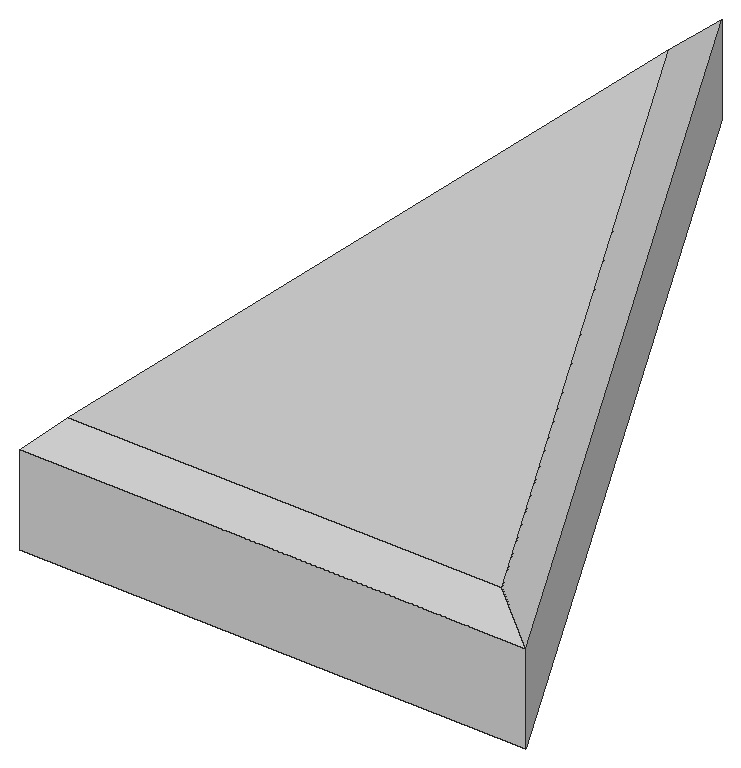
Revit family "LARGE SCALENE TRIANGLE (RIGHT)", category Specialty Equipment, Revit 2023
Family settings
  Round Connector Dimension = Use Diameter
  Part Type = Normal
  OmniClass Number = 23.35.00.00
  OmniClass Title = Covering, Cladding, and Finishes
  Work Plane-Based = Yes
  Enable Cutting in Views = Yes
  Always vertical = No
  Cut with Voids When Loaded = No
  Maintain Annotation Orientation = No
  Shared = No
  Room Calculation Point = No
Parameters (values of type "1-3/8 inch thick Primed White")
  URL = "https://www.acousticalsurfaces.com/envirocoustic-wood-wool/shapes/"
  Type Comments = "Acoustic Panels"
  Thickness = 0' - 1 3/8"
  Recycled Content Percentage = "0%"
  Model = "Envirocoustic Wood Wool"
  Material = "Envirocoustic Wood Wool"
  Manufacturer = "Acoustical Surfaces, Inc."
  Fire Rating = "ASTM E84 - Class A"
  Finish = Paint - Acoustical-Surfaces - Primed White
  Description = "Acoustic Panels"
  Default Elevation = 0' - 0"
  Assembly Code = "C30"
  Acoustics - NRC = "Sound absorption varies from NRC 0.45 to 0.95 based on installation method used when tested per ASTM C423."
Types (9): name | Thickness | Finish
  1-3/8 inch thick Primed White | 0' - 1 3/8" | Paint - Acoustical-Surfaces - Primed White
  1-3/8 inch thick Primed Clear | 0' - 1 3/8" | Paint - Acoustical-Surfaces - Primed Clear
  1-3/8 inch thick Custom Painted | 0' - 1 3/8" | Paint - Acoustical-Surfaces - Custom Painted
  2 inch thick Primed White | 0' - 2" | Paint - Acoustical-Surfaces - Primed White
  2 inch thick Primed Clear | 0' - 2" | Paint - Acoustical-Surfaces - Primed Clear
  2 inch thick Custom Painted | 0' - 2" | Paint - Acoustical-Surfaces - Custom Painted
  1 inch thick Primed White | 0' - 1" | Paint - Acoustical-Surfaces - Primed White
  1 inch thick Primed Clear | 0' - 1" | Paint - Acoustical-Surfaces - Primed Clear
  1 inch thick Custom Painted | 0' - 1" | Paint - Acoustical-Surfaces - Custom Painted
Reference planes (in)
  plane 1 "Center (Front/Back)": y = 0
  plane 2: z = 0
  plane 3 "Center (Left/Right)": x = 0
  plane 4: z = 1.375
  plane 5: z = -1
Forms (in)
  Extrusion 1, solid, material "Paint - Acoustical-Surfaces - Primed White" <- "Finish"
    sketch origin (-2.75421, -1.46603, 0) x (1, 0, 0) y (0, 1, 0)
      loop
        line (2.75421, 1.46603) -> (8.75421, 1.46603) -> (2.75421, 11.85834) -> (2.75421, 1.46603)
    from 0 to 1.375
  Sweep 2, void
    path in 3D
      loop
        line (0, 10.3923, 1.375) -> (0, 0, 1.375) -> (6, 0, 1.375) -> (0, 10.3923, 1.375)
    profile "Triangle : Family2" origin (3, 5.19615, 1.375) x (-0.866025, -0.5, 0) y (0, 0, 1)
      loop
        line (0, 0) -> (0, -0.315) -> (0.315, 0) -> (0, 0)
Cuts and joins
  Sweep 2 cuts Extrusion 1
Lines and regions (in)
  sketch lines
    curve 1: line (6, 0, 1.375) -> (0, 10.3923, 1.375)
    curve 2: line (0, 0, 1.375) -> (6, 0, 1.375)
    curve 3: line (0, 10.3923, 1.375) -> (0, 0, 1.375)
Dimensions and locks (in)
  "Thickness": plane 4 to level
  level to plane 5 = 0' - 1"
  aligned and locked: level to plane 2
  aligned and locked: Extrusion 1 to plane 4
Automatic sketch dimensions
  Extrusion 1 sketch curve to plane 3 "Center (Left/Right)" = 0' - 0"
  plane 1 "Center (Front/Back)" to Extrusion 1 sketch curve = 0' - 0"
  Extrusion 1 sketch curve to Extrusion 1 sketch curve = 0' - 6"
  Extrusion 1 sketch curve to Extrusion 1 sketch curve = 0' - 10.3923"
